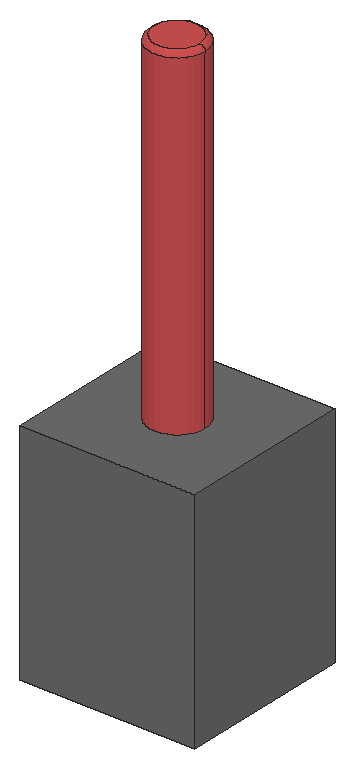
Revit family "LBA_ALE_F16 100", category Equipement spécialisé, Revit 2017
Family settings
  Cote de connecteur circulaire = Utiliser le diamètre
  Type d'élément = Normal
  Basée sur le plan de construction = Non
  Toujours verticalement = Oui
  Couper avec des vides une fois chargée = Non
  Partagée = Non
  Point de calcul de pièce = Non
Parameters (values of type "LBA_B20")
  rayon_vide = diamètre_borne / 2  # 80 mm
  rayon_piston = 200 mm
  longueur_massif = 500 mm
  largeur_massif = 500 mm
  hauteur_sousface_batterie = 545 mm
  hauteur_massif = 650 mm
  epaisseur_anneaux = 15 mm
  URL = "http://bornes-escamotables.com/"
  Type_massif = LBA_massif_sousterre_carré : Base
  Modèle = "ALE F16-100"
  hauteur_borne = 980 mm
  diamètre_borne = 160 mm
  l2_plaque = 439 mm
  l1_plaque = 218 mm
  Matériau_massif = BORNE ANTHRACITE
  Matériau_borne = BORNE Fixe Rouge
  Fabricant = "AMCO Les Escamotables"
Reference planes
  plane 1 "Centre (avant/arrière)": y = 0
  plane 2: z = 0
  plane 3 "Centre (gauche/droite)": x = 0
  plane 4: y = 218.5
  plane 5: x = 218
  plane 6: x = -439
  plane 7: y = -218.5
  plane 8: y = -125
  plane 9: y = 125
  plane 10: z = 980
  plane 11: x = -200
Forms (mm)
  Extrusion 1, solid, material "BORNE Fixe Rouge" <- "Matériau_borne"
    sketch origin (0, 0, 0) x (1, 0, 0) y (0, 1, 0)
      loop
        circle (0, 0) r 80
    from 0 to 980
  Sweep 2, void, detail levels medium+fine
    path in 3D
      loop
        arc (-80, 0, 980) -> (0, 80, 980) -> (80, 0, 980) r 80
        arc (80, 0, 980) -> (0, -80, 980) -> (-80, 0, 980) r 80
    profile origin (0, -80, 980) x (0, -1, 0) y (0, 0, 1)
      loop
        line (0, 0) -> (-15, 0)
        arc (-15, 0) -> (-5.935, -5.935) -> (0, -15) r 26.516
        line (0, -15) -> (0, 0)
Cuts and joins
  Sweep 2 cuts Extrusion 1
Lines and regions (mm)
  symbolic lines
    curve 1: arc (80, 0, 0) -> (0, 80, 0) -> (-80, 0, 0) r 80
    curve 2: arc (-80, 0, 0) -> (0, -80, 0) -> (80, 0, 0) r 80
  sketch lines
    curve 3: arc (80, 0, 980) -> (0, -80, 980) -> (-80, 0, 980) r 80
    curve 4: arc (-80, 0, 980) -> (0, 80, 980) -> (80, 0, 980) r 80
Dimensions and locks
  equal spacing: plane 4, plane 1 "Centre (avant/arrière)", plane 7
  plane 4 to plane 7 = 437 mm
  equal spacing: plane 8, plane 1 "Centre (avant/arrière)", plane 9
  plane 8 to plane 9 = 250 mm
  "l1_plaque": plane 3 "Centre (gauche/droite)" to plane 5
  "l2_plaque": plane 6 to plane 3 "Centre (gauche/droite)"
  "hauteur_borne": plane 10 to plane 2
  "rayon_piston": plane 11 to plane 3 "Centre (gauche/droite)"
  "diamètre_borne": diameter of Extrusion 1 sketch curve
  aligned and locked: level to plane 2
  aligned and locked: curve 1 to Extrusion 1
  aligned and locked: curve 2 to Extrusion 1
  aligned and locked: plane 10 to Extrusion 1
  aligned and locked: cut or joined group of Extrusion 1, Sweep 2 to plane 2
Automatic sketch dimensions
  Sweep 2 sketch curve to profile plane = 0 mm  (x2)
  profile plane to Sweep 2 sketch curve = 24.684 mm
  Sweep 2 sketch curve to profile plane = 24.684 mm
  profile plane to Sweep 2 sketch curve = 15 mm
  plane 1 "Centre (avant/arrière)" to Extrusion 1 sketch curve = 0 mm
  Extrusion 1 sketch curve to plane 3 "Centre (gauche/droite)" = 0 mm
Nested families
  nested 1: "LBA_massif_sousterre_carré" at (0, 0, 0), type <- "Type_massif", type "Base"
Definition of nested family "LBA_massif_sousterre_carré"
  Parameters (values of type "Base")
    longueur = 500 mm
    largeur = 500 mm
    hauteur_massif = 650 mm
    epaisseur_anneaux = 15 mm
    Matériau_anneaux = none
    Matériau_piston = none
  Reference planes
    plane 1 "Centre (avant/arrière)": y = 0
    plane 2: z = 0
    plane 3 "Centre (gauche/droite)": x = 0
    plane 4: y = -125
    plane 5: y = 125
    plane 6: z = -650
    plane 7: x = -250
    plane 8: x = 250
    plane 9: y = -250
    plane 10: y = 250
  Forms (mm)
    Extrusion 1, solid, material <- "Matériau_piston"
      sketch origin (0, 0, 0) x (1, 0, 0) y (0, 1, 0)
        loop
          line (-250, 250) -> (-250, -250) -> (250, -250) -> (250, 250) -> (-250, 250)
      from 0 to -650
  Lines and regions (mm)
    symbolic lines
      curve 1: line (-250, 250, 0) -> (250, 250, 0)
      curve 2: line (-250, -250, 0) -> (-250, 250, 0)
      curve 3: line (250, -250, 0) -> (-250, -250, 0)
      curve 4: line (250, 250, 0) -> (250, -250, 0)
  Dimensions and locks
    equal spacing: plane 4, plane 1 "Centre (avant/arrière)", plane 5
    plane 4 to plane 5 = 250 mm
    "hauteur_massif": plane 2 to plane 6
    equal spacing: plane 7, plane 3 "Centre (gauche/droite)", plane 8
    equal spacing: plane 10, plane 1 "Centre (avant/arrière)", plane 9
    "largeur": plane 10 to plane 9
    "longueur": plane 7 to plane 8
    aligned and locked: level to plane 2
    aligned and locked: plane 6 to Extrusion 1
    aligned and locked: plane 2 to Extrusion 1
    aligned and locked: Extrusion 1 sketch curve to plane 10
    aligned and locked: plane 7 to Extrusion 1 sketch curve
    aligned and locked: plane 9 to Extrusion 1 sketch curve
    aligned and locked: Extrusion 1 sketch curve to plane 8
    aligned and locked: curve 1 to plane 10
    aligned and locked: plane 7 to curve 2
    aligned and locked: plane 9 to curve 3
    aligned and locked: curve 4 to plane 8
